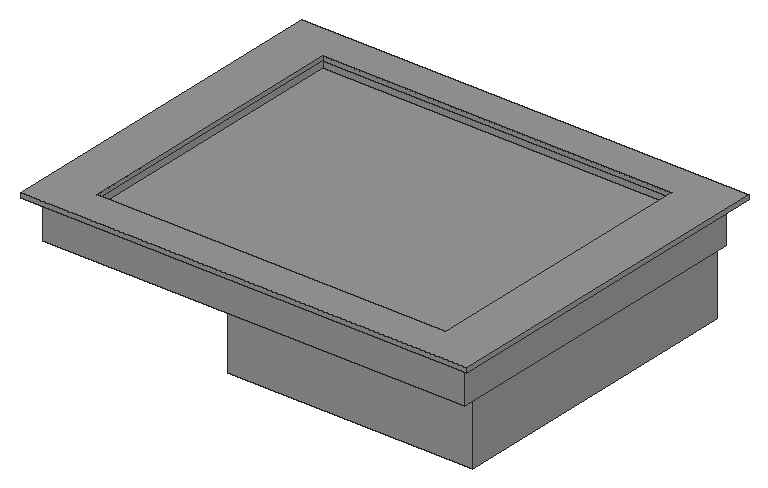
Revit family "Kühlplatte stille Kühlung GN1-1 - Zentral", category Sonderausstattung, Revit 2015
Parameters (values of type "2xGN1-1")
  Watt = 40 W
  Wand vorne Stärke = 40 mm  # constant formula
  Wand hinten Stärke = 40 mm  # constant formula
  Tiefe ohne Rahmen = Tiefe - 2 mm * 22.5  # 590 mm
  Tiefe = 635 mm  # constant formula
  Temp. Bereich = "-10°C bis 0°C"
  Spannung = 230 V
  Scheinleistung = 0 VA
  Rand Stärke = 8.5 mm  # constant formula
  Rand Breite vorne = 62.5 mm  # constant formula
  Rand Breite seitlich = 87.5 mm  # constant formula
  Rand Breite hinten = 62.5 mm  # constant formula
  Pole = 1
  Material = Edelstahl AISI 304
  Kältemittel = "R404a"
  Kälteleistung = "1050 W / -10°C VT"
  Kapazität = "2 x GN 1/1, Tiefe 20 mm"
  Installationshöhe [instance] = 750 mm
  Höhe Wanne = 80 mm  # constant formula
  Höhe Technikgehäuse = 110 mm  # constant formula
  Höhe = Höhe Wanne + Höhe Technikgehäuse  # 190 mm
  DN Tauwasserabfluß = 25.4 mm
  DN Saugleitung = 10 mm
  DN Flüssigkeitsleitung = 6 mm
  Breite ohne Rahmen = Breite - 2 mm * 22  # 761 mm
  Breite Technikgehäuse = 442 mm  # constant formula
  Wand Seiten Stärke = 65.5 mm  # constant formula
  Breite = 805 mm
  Boden Stärke = 60 mm  # constant formula
  Artikelnr. = "KPOS021100"
Types (4, lengths in mm): name | Kälteleistung | Kapazität | Installationshöhe | Breite ohne Rahmen | Breite | Artikelnr.
  2xGN1-1 | "1050 W / -10°C VT" | "2 x GN 1/1, Tiefe 20 mm" | 750 | 761 | 805 | "KPOS021100"
  3xGN1-1 | "1050 W / -10°C VT" | "3 x GN 1/1, Tiefe 20 mm" | 750 | 1091 | 1135 | "KPOS031100"
  4xGN1-1 | "1050 W / -10°C VT" | "4 x GN 1/1, Tiefe 20 mm" | 4 | 1411 | 1455 | "KPOS041100"
  5xGN1-1 | "1330 W / -10°C VT" | "5 x GN 1/1, Tiefe 20 mm" | 750 | 1736 | 1780 | "KPOS051100"
Reference planes
  plane 1 "Mitte (Vorne/Hinten)": y = 0
  plane 2: z = 0
  plane 3 "Mitte (Links/Rechts)": x = 0
  plane 4: y = -635
  plane 5: x = -805
  plane 6: z = 750
  plane 7: z = 670
  plane 8 "UK": z = 560
  plane 9: x = -464
  plane 10: x = -783
  plane 11: x = -22
  plane 12: y = -22.5
  plane 13: y = -612.5
  plane 14: y = -62.5
  plane 15: y = -572.5
  plane 16: x = -717.5
  plane 17: x = -87.5
  plane 18: z = 730
  plane 19: z = 741.5
  plane 20 "Technikgehäuse vorne": y = -592.5
  plane 21: y = -42.5
  plane 22: y = -62.5
  plane 23: y = -572.5
  plane 24 "Elektroanschluss": z = 560
  plane 25: y = -384.5
  plane 26 "Tauwasserabfluß": z = 560
  plane 27: y = -102.5
  plane 28: x = -403
  plane 29: x = -264
  plane 30: x = -84
  plane 31: y = -255
  plane 32: x = -34
  plane 33: x = -717.5
  plane 34: x = -87.5
Forms (mm)
  Extrusion 1, solid, material "Edelstahl AISI 304" <- "Material"
    sketch origin (0, 0, 150) x (-1, 0, 0) y (0, -1, 0)
      loop
        line (22, 42.5) -> (464, 42.5) -> (464, 592.5) -> (22, 592.5) -> (22, 42.5)
    from 520 to 410
  Extrusion 2, solid, material "Edelstahl AISI 304" <- "Material", detail levels medium+fine
    sketch origin (0, 0, 150) x (-1, 0, 0) y (0, -1, 0)
      loop
        line (783, 22.5) -> (783, 612.5) -> (22, 612.5) -> (22, 22.5) -> (783, 22.5)
      loop
        line (87.5, 572.5) -> (87.5, 62.5) -> (717.5, 62.5) -> (717.5, 572.5) -> (87.5, 572.5)
    from 591.5 to 580
  Extrusion 3, solid, material "Edelstahl AISI 304" <- "Material", detail levels medium+fine
    sketch origin (0, 0, 150) x (-1, 0, 0) y (0, -1, 0)
      loop
        line (783, 22.5) -> (783, 612.5) -> (22, 612.5) -> (22, 22.5) -> (783, 22.5)
    from 580 to 520
  Extrusion 4, solid, material "Edelstahl AISI 304" <- "Material", detail levels fine
    sketch origin (0, 0, 150) x (-1, 0, 0) y (0, -1, 0)
      loop
        line (805, 0) -> (805, 635) -> (0, 635) -> (0, 0) -> (805, 0)
      loop
        line (717.5, 62.5) -> (717.5, 572.5) -> (87.5, 572.5) -> (87.5, 62.5) -> (717.5, 62.5)
    from 600 to 591.5
  Extrusion 5, solid, not visible
    sketch origin (0, 0, 560) x (0, -1, 0) y (1, 0, 0)
      loop
        circle (102.5, -403) r 20
    from 0 to 2
  Extrusion 6, solid, not visible
    sketch origin (0, 0, 560) x (0, -1, 0) y (1, 0, 0)
      loop
        circle (384.5, -264) r 20
    from 0 to 2
  Extrusion 7, solid, not visible
    sketch origin (0, 0, 560) x (0, -1, 0) y (1, 0, 0)
      loop
        circle (255, -84) r 5
    from 0 to 2
  Extrusion 8, solid, not visible
    sketch origin (0, 0, 560) x (0, -1, 0) y (1, 0, 0)
      loop
        circle (255, -34) r 3
    from 0 to 2
  Extrusion 9, solid, material "Edelstahl AISI 304" <- "Material", detail levels coarse
    sketch origin (0, 0, 560) x (0, -1, 0) y (1, 0, 0)
      loop
        line (22.5, -783) -> (612.5, -783) -> (612.5, -22) -> (22.5, -22) -> (22.5, -783)
    from 181.5 to 110
Dimensions and locks
  "Breite": plane 5 to plane 3 "Mitte (Links/Rechts)"
  "Tiefe": plane 4 to plane 1 "Mitte (Vorne/Hinten)"
  "Installationshöhe": plane 6 to level
  "Höhe Wanne": plane 6 to plane 7
  locked: plane 13 to plane 4 at 22.5
  locked: plane 1 "Mitte (Vorne/Hinten)" to plane 12 at 22.5
  locked: plane 5 to plane 10 at 22
  locked: plane 11 to plane 3 "Mitte (Links/Rechts)" at 22
  "Wand Seiten Stärke": plane 10 to plane 16
  "Wand Seiten Stärke": plane 17 to plane 11
  "Wand vorne Stärke": plane 13 to plane 15
  "Wand hinten Stärke": plane 12 to plane 14
  "Boden Stärke": plane 18 to plane 7
  "Rand Stärke": plane 6 to plane 19
  locked: plane 12 to plane 21 at 20
  locked: plane 13 to plane 20 "Technikgehäuse vorne" at 20
  "Rand Breite hinten": plane 22 to plane 1 "Mitte (Vorne/Hinten)"
  "Rand Breite vorne": plane 23 to plane 4
  "Höhe Technikgehäuse": plane 7 to plane 8 "UK"
  locked: plane 8 "UK" to plane 24 "Elektroanschluss"
  locked: plane 8 "UK" to plane 26 "Tauwasserabfluß"
  locked: plane 28 to plane 9 at 61
  locked: plane 29 to plane 28 at 139
  locked: plane 30 to plane 29 at 180
  locked: plane 32 to plane 30 at 50
  "Rand Breite seitlich": plane 5 to plane 33
  "Rand Breite seitlich": plane 34 to plane 3 "Mitte (Links/Rechts)"
  "Breite Technikgehäuse": plane 9 to plane 11
  locked: plane 20 "Technikgehäuse vorne" to plane 25 at 208
  plane 25 to plane 31 = 129.5 mm
  plane 31 to plane 27 = 152.5 mm
  "DN Saugleitung": diameter of Extrusion 7 sketch curve
  "DN Flüssigkeitsleitung": diameter of Extrusion 8 sketch curve
  aligned and locked: level to plane 2
  aligned and locked: plane 7 to Extrusion 1
  aligned and locked: plane 8 "UK" to Extrusion 1
  aligned and locked: plane 19 to Extrusion 2
  aligned and locked: Extrusion 2 to plane 18
  aligned and locked: plane 18 to Extrusion 3
  aligned and locked: Extrusion 3 to plane 7
  aligned and locked: plane 6 to Extrusion 4
  aligned and locked: Extrusion 4 to plane 19
  aligned and locked: Extrusion 4 sketch curve to plane 33
  aligned and locked: Extrusion 4 sketch curve to plane 34
  aligned and locked: Extrusion 1 to plane 11
  aligned and locked: plane 19 to Extrusion 9
  aligned and locked: Extrusion 9 to plane 7
Automatic sketch dimensions
  Extrusion 1 sketch curve to plane 9 = 0 mm
  Extrusion 1 sketch curve to plane 21 = 0 mm
  plane 20 "Technikgehäuse vorne" to Extrusion 1 sketch curve = 0 mm
  Extrusion 2 sketch curve to plane 11 = 0 mm
  Extrusion 2 sketch curve to plane 14 = 0 mm
  Extrusion 2 sketch curve to plane 17 = 0 mm
  plane 15 to Extrusion 2 sketch curve = 0 mm
  Extrusion 2 sketch curve to plane 16 = 0 mm
  Extrusion 2 sketch curve to plane 10 = 0 mm
  Extrusion 2 sketch curve to plane 12 = 0 mm
  plane 13 to Extrusion 2 sketch curve = 0 mm
  Extrusion 3 sketch curve to plane 11 = 0 mm
  Extrusion 3 sketch curve to plane 10 = 0 mm
  Extrusion 3 sketch curve to plane 12 = 0 mm
  plane 13 to Extrusion 3 sketch curve = 0 mm
  plane 1 "Mitte (Vorne/Hinten)" to Extrusion 4 sketch curve = 0 mm
  Extrusion 4 sketch curve to plane 3 "Mitte (Links/Rechts)" = 0 mm
  Extrusion 4 sketch curve to plane 5 = 0 mm
  Extrusion 4 sketch curve to plane 22 = 0 mm
  Extrusion 4 sketch curve to plane 23 = 0 mm
  Extrusion 4 sketch curve to plane 4 = 0 mm
  plane 27 to Extrusion 5 sketch curve = 0 mm
  Extrusion 5 sketch curve to plane 28 = 0 mm
  plane 25 to Extrusion 6 sketch curve = 0 mm
  Extrusion 6 sketch curve to plane 29 = 0 mm
  Extrusion 1 sketch curve to plane 11 = 0 mm
  Extrusion 9 sketch curve to plane 11 = 0 mm
  Extrusion 9 sketch curve to plane 12 = 0 mm
  Extrusion 9 sketch curve to plane 10 = 0 mm
  plane 13 to Extrusion 9 sketch curve = 0 mm
  Extrusion 7 sketch curve to plane 30 = 0 mm
  plane 31 to Extrusion 7 sketch curve = 0 mm
  plane 31 to Extrusion 8 sketch curve = 0 mm
  Extrusion 8 sketch curve to plane 32 = 0 mm
  radius of Extrusion 5 sketch curve = 20 mm
  radius of Extrusion 6 sketch curve = 20 mm
Connectors
  electrical at (-264, -384.5, 560), driven by "Spannung", driven by "Scheinleistung", driven by "Pole"
    settings: on Extrusion 6, index 1, voltage 230 V, apparent load 0 VA, apparent load phase1 0 VA, apparent load phase2 0 VA, apparent load phase3 0 VA, power factor 1, load classification "Sonstige", number of poles 1, system type 31, power factor state 1, is connector primary yes, connector utility no, sub classification motor no, connector description ""
  piping at (-403, -102.5, 560), diameter 25.4, driven by "DN Tauwasserabfluß"
    settings: on Extrusion 5, index 2, connector inside diameter 609.6 mm, connector length 0 mm, flow factor 0, pipe flow 0.0 L/s, pressure drop 0.0 Pa, fitting loss kfactor 0, connector angle 0.00°, fixture units 0, engagement length 0 mm, angle of deflection 0.00°, flow configuration 1, flow direction 2, fitting loss method 0, system type 16, joint type 0, gender type 0, connector reference index -1, connector utility 0, adjustable connector no, is connector primary yes, connector description ""
  piping at (-84, -255, 560), diameter 10, driven by "DN Saugleitung"
    settings: on Extrusion 7, index 3, connector inside diameter 609.6 mm, connector length 0 mm, flow factor 0, pipe flow 0.0 L/s, pressure drop 0.0 Pa, fitting loss kfactor 0, connector angle 0.00°, fixture units 0, engagement length 0 mm, angle of deflection 0.00°, flow configuration 1, flow direction 1, fitting loss method 0, system type 22, joint type 0, gender type 0, connector reference index -1, connector utility 0, adjustable connector no, is connector primary no, connector description ""
  piping at (-34, -255, 560), diameter 6, driven by "DN Flüssigkeitsleitung"
    settings: on Extrusion 8, index 4, connector inside diameter 609.6 mm, connector length 0 mm, flow factor 0, pipe flow 0.0 L/s, pressure drop 0.0 Pa, fitting loss kfactor 0, connector angle 0.00°, fixture units 0, engagement length 0 mm, angle of deflection 0.00°, flow configuration 1, flow direction 1, fitting loss method 0, system type 20, joint type 0, gender type 0, connector reference index -1, connector utility 0, adjustable connector no, is connector primary no, connector description ""
